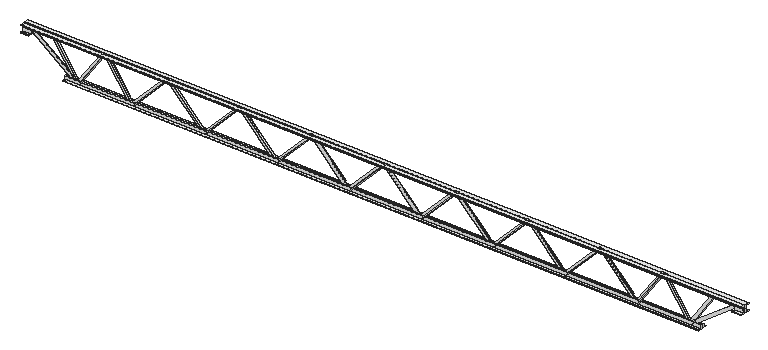
Revit family
Parameters (values of type "24LH05")
  Variable Panel [instance] = (Length - (End Panel * 2) - IntPanelArrayLength) / 2  # 915 mm
  Start Offset [instance] = 0 mm
  Start Extension [instance] = 0 mm
  M = 19
  Web Thickness = 25 mm
  Seat Length = 150 mm
  Seat Depth = 125 mm
  Rendering Material = Metal - Steel - 345 MPa
  Keynote = "G10"
  IntPanelWidth [instance] = Depth * 2  # 1220 mm
  IntPanelArrayNum [instance] = (PanelAreaLength / IntPanelWidth) - 2  # 7
  IntPanelArrayLength [instance] = IntPanelArrayNum * IntPanelWidth  # 8540 mm
  PanelAreaLength [instance] = Length - (End Panel * 2)  # 10370 mm
  End Panel = 1.5 * Depth  # 915 mm
  End Offset [instance] = 0 mm
  End Extension [instance] = 0 mm
  Cord Leg = 63.5 mm
  Chord Thickness = 12.5 mm
  Assembly Code = ""
  Length [instance] = 12200 mm
  Depth = 610 mm
Types (3, lengths in mm): name | Variable Panel | M | Rendering Material | IntPanelWidth | IntPanelArrayNum | IntPanelArrayLength | PanelAreaLength | End Panel | Depth
  (no name) | 915 | 19 | Metal - Steel - 345 MPa | 1220 | 7 | 8540 | 10370 | 915 | 610
  24LH05 | 915 | 19 | Metal - Steel - 345 MPa | 1220 | 7 | 8540 | 10370 | 915 | 610
  40LH10 | 1528 | 31 | none | 2032 | 3 | 6096 | 9152 | 1524 | 1016
Reference planes
  plane 1 "Center (Front/Back)": y = 0
  plane 2: z = 0
  plane 3 "Center (Left/Right)": x = 4.61
  plane 4 "Member Left": x = -3551.39
  plane 5 "Member Right": x = 3560.61
  plane 6: y = 76
  plane 7: y = -76
  plane 8: z = 305
  plane 9: z = -305
  plane 10 "Left": x = -6095.39
  plane 11 "Stick Symbol Left": x = -3500.59
  plane 12 "Stick Symbol Right": x = 3509.81
  plane 13 "Right": x = 6104.61
  plane 14: z = 180
  plane 15: x = -5945.39
  plane 16: x = -5180.39
  plane 17: x = -5380.39
  plane 18: x = 5954.61
  plane 19: x = 5189.61
  plane 20: y = 12.5
  plane 21: y = -12.5
  plane 22: z = 241.5
  plane 23: z = -241.5
  plane 24: x = 5389.61
  plane 25: x = -5562.89
  plane 26: x = -4265.39
  plane 27: x = 4274.61
  plane 28: x = 5572.11
  plane 29: z = -298.65
  plane 30: z = 298.65
  plane 31: x = -6095.39
  plane 32: x = 6104.61
  plane 33: x = -6095.39
  plane 34: x = 6104.61
Forms (mm)
  Extrusion 1, solid, material "Metal - Steel - 345 MPa" <- "Rendering Material", detail levels medium+fine
    sketch origin (4.61, 0, 0) x (0, 1, 0) y (0, 0, 1)
      loop
        line (76, 305) -> (12.5, 305) -> (12.5, 241.5) -> (25, 241.5) -> (25, 292.5) -> (76, 292.5) -> (76, 305)
      loop
        line (-76, 305) -> (-76, 292.5) -> (-25, 292.5) -> (-25, 241.5) -> (-12.5, 241.5) -> (-12.5, 305) -> (-76, 305)
    from -6100 to 6100
  Extrusion 2, solid, material "Metal - Steel - 345 MPa" <- "Rendering Material", detail levels medium+fine
    sketch origin (4.61, 0, 0) x (0, 1, 0) y (0, 0, 1)
      loop
        line (12.5, -241.5) -> (12.5, -305) -> (76, -305) -> (76, -292.5) -> (25, -292.5) -> (25, -241.5) -> (12.5, -241.5)
      loop
        line (-12.5, -241.5) -> (-25, -241.5) -> (-25, -292.5) -> (-76, -292.5) -> (-76, -305) -> (-12.5, -305) -> (-12.5, -241.5)
    from -5385 to 5385
  Extrusion 3, solid, material "Metal - Steel - 345 MPa" <- "Rendering Material", detail levels medium+fine
    sketch origin (4.61, 0, 0) x (0, 1, 0) y (0, 0, 1)
      loop
        line (76, 180) -> (76, 192.5) -> (25, 192.5) -> (25, 241.5) -> (12.5, 241.5) -> (12.5, 180) -> (76, 180)
      loop
        line (-76, 180) -> (-12.5, 180) -> (-12.5, 241.5) -> (-25, 241.5) -> (-25, 192.5) -> (-76, 192.5) -> (-76, 180)
    from 5950 to 6100
  Extrusion 4, solid, material "Metal - Steel - 345 MPa" <- "Rendering Material", detail levels medium+fine
    sketch origin (4.61, 0, 0) x (0, 1, 0) y (0, 0, 1)
      loop
        line (-76, 180) -> (-12.5, 180) -> (-12.5, 241.5) -> (-25, 241.5) -> (-25, 192.5) -> (-76, 192.5) -> (-76, 180)
      loop
        line (12.5, 180) -> (76, 180) -> (76, 192.5) -> (25, 192.5) -> (25, 241.5) -> (12.5, 241.5) -> (12.5, 180)
    from -6100 to -5950
  Sweep 5, solid, material "Metal - Steel - 345 MPa" <- "Rendering Material", detail levels fine
    path in 3D
      loop
        line (5189.61, 0, -298.65) -> (5954.61, 0, 241.5)
    profile "Web-Profile : Web-Profile" origin (5572.11, 0, -28.575) x (-0.57679, 0, 0.816892) y (0, -1, 0)
      loop
        line (-25.4, 18.85) -> (-25.4, 6.15) -> (25.4, 6.15) -> (25.4, 18.85) -> (-25.4, 18.85)
  Sweep 6, solid, material "Metal - Steel - 345 MPa" <- "Rendering Material", detail levels fine
    path in 3D
      loop
        line (5569.207, 0, 241.5) -> (5189.61, 0, -298.65)
    profile "Web-Profile : Web-Profile" origin (5379.409, 0, -28.575) x (0.818169, 0, -0.574978) y (0, -1, 0)
      loop
        line (-25.4, 6.35) -> (-25.4, -6.35) -> (25.4, -6.35) -> (25.4, 6.35) -> (-25.4, 6.35)
  Sweep 7, solid, material "Metal - Steel - 345 MPa" <- "Rendering Material", detail levels fine
    path in 3D
      loop
        line (-5945.39, 0, 241.5) -> (-5180.39, 0, -298.65)
    profile "Web-Profile : Web-Profile" origin (-5562.89, 0, -28.575) x (0.57679, 0, 0.816892) y (0, -1, 0)
      loop
        line (-25.4, 6.35) -> (-25.4, -6.35) -> (25.4, -6.35) -> (25.4, 6.35) -> (-25.4, 6.35)
  Sweep 8, solid, material "Metal - Steel - 345 MPa" <- "Rendering Material", detail levels fine
    path in 3D
      loop
        line (-5180.39, 0, -298.65) -> (-5562.89, 0, 241.5)
    profile "Web-Profile : Web-Profile" origin (-5371.64, 0, -28.575) x (-0.8161, 0, -0.57791) y (0, -1, 0)
      loop
        line (-25.4, 6.35) -> (-25.4, -6.35) -> (25.4, -6.35) -> (25.4, 6.35) -> (-25.4, 6.35)
Lines and regions (mm)
  symbolic lines, style "StructuralFraming", detail levels coarse
    curve 1: line (0, 76, 305) -> (0, 12.5, 305)
    curve 2: line (0, -76, -305) -> (0, -12.5, -305)
    curve 14: line (0, 12.5, -305) -> (0, 76, -305)
    curve 15: line (4.61, 12.5, -305) -> (4.61, 12.5, -241.5)
    curve 16: line (4.61, -12.5, -305) -> (4.61, -12.5, -241.5)
    curve 17: line (4.61, -12.5, 305) -> (4.61, -12.5, 241.5)
    curve 18: line (4.61, 12.5, 305) -> (4.61, 12.5, 241.5)
    curve 19: line (0, -12.5, 305) -> (0, -76, 305)
  symbolic lines, style "StructuralFraming", detail levels coarse+medium
    curve 3: line (0, 0, -305) -> (0, 0, 305)
  reference lines
    curve 4: line (-3350.59, 0, -428.508) -> (-3350.59, 0, 384.692)
    curve 5: line (-2435.59, 0, -434.858) -> (-2435.59, 0, 384.692)
    curve 6: line (3359.81, 0, -375.588) -> (3359.81, 0, 386.812)
    curve 7: line (2444.81, 0, -502.588) -> (2444.81, 0, 386.812)
  model lines, style "Web Joist", detail levels coarse
    curve 8: line (2444.81, 0, -305) -> (-2435.59, 0, -305)
    curve 9: line (3509.81, 0, 305) -> (-3500.59, 0, 305)
    curve 20: line (-2435.59, 0, -305) -> (-3350.59, 0, 305)
    curve 21: line (2444.81, 0, -305) -> (3359.81, 0, 305)
  model lines, style "StructuralFraming", detail levels medium
    curve 10: line (-5180.39, 0, -298.65) -> (-5562.89, 0, 241.5)
    curve 11: line (-5945.39, 0, 241.5) -> (-5180.39, 0, -298.65)
    curve 12: line (5569.207, 0, 241.5) -> (5189.61, 0, -298.65)
    curve 13: line (5189.61, 0, -298.65) -> (5954.61, 0, 241.5)
  sketch lines
    curve 22: line (5189.61, 0, -298.65) -> (5954.61, 0, 241.5)
    curve 23: line (5569.207, 0, 241.5) -> (5189.61, 0, -298.65)
    curve 24: line (-5945.39, 0, 241.5) -> (-5180.39, 0, -298.65)
    curve 25: line (-5180.39, 0, -298.65) -> (-5562.89, 0, 241.5)
  symbolic lines, style "StructuralFraming", detail levels fine
    curve 26: line (4.61, 12.5, 241.5) -> (4.61, 12.5, -241.5)
    curve 27: line (4.61, -12.5, -241.5) -> (4.61, -12.5, 241.5)
    curve 28: line (4.61, 12.5, -298.65) -> (4.61, -12.5, -298.65)
  symbolic lines, detail levels fine
    curve 29: line (4.61, 12.5, 298.65) -> (4.61, -12.5, 298.65)
Dimensions and locks
  equal spacing: plane 9, plane 2, plane 8
  "Length": plane 10 "Left" to plane 13 "Right"
  equal spacing: plane 10 "Left", plane 3 "Center (Left/Right)", plane 13 "Right"
  "Seat Length": curve 4 to plane 11 "Stick Symbol Left"
  "End Panel": curve 5 to curve 4
  "Seat Length": curve 6 to plane 12 "Stick Symbol Right"
  "End Panel": curve 6 to curve 7
  "Depth": plane 9 to plane 8
  "Seat Depth": plane 8 to plane 14
  locked: plane 17 to plane 16 at 200
  "End Panel": plane 10 "Left" to plane 16
  "End Panel": plane 13 "Right" to plane 19
  "Web Thickness": plane 20 to plane 21
  equal spacing: plane 20, plane 1 "Center (Front/Back)", plane 21
  "Cord Leg": plane 21 to plane 7
  "Cord Leg": plane 6 to plane 20
  "Cord Leg": plane 9 to plane 23
  "Cord Leg": plane 22 to plane 8
  "Chord Thickness": plane 8 to Extrusion 1 sketch curve
  "Chord Thickness": Extrusion 1 sketch curve to plane 8
  "Chord Thickness": plane 21 to Extrusion 1 sketch curve
  "Chord Thickness": Extrusion 1 sketch curve to plane 20
  "Chord Thickness": plane 9 to Extrusion 2 sketch curve  (x2)
  "Chord Thickness": Extrusion 2 sketch curve to plane 20
  "Chord Thickness": plane 21 to Extrusion 2 sketch curve
  locked: plane 19 to plane 24 at 200
  "Chord Thickness": plane 14 to Extrusion 3 sketch curve  (x2)
  "Chord Thickness": plane 21 to Extrusion 3 sketch curve
  "Chord Thickness": Extrusion 3 sketch curve to plane 20
  "Chord Thickness": plane 14 to Extrusion 4 sketch curve  (x2)
  "Chord Thickness": Extrusion 4 sketch curve to plane 20
  "Chord Thickness": plane 21 to Extrusion 4 sketch curve
  locked: plane 29 to plane 9 at 6.35
  locked: plane 8 to plane 30 at 6.35
  equal spacing: plane 16, plane 25, plane 15
  equal spacing: plane 18, plane 28, plane 19
  "IntPanelArrayLength": plane 27 to plane 26
  equal spacing: group 1, group 3, group 4, group 5, group 6, group 7, group 2  (x3)
  equal spacing: plane 27, plane 3 "Center (Left/Right)", plane 26
  "Start Offset": plane 10 "Left" to plane 33
  "Seat Length": plane 33 to plane 15
  "Start Extension": plane 31 to plane 33
  "End Offset": plane 13 "Right" to plane 34
  "Start Extension": plane 32 to plane 34
  "Seat Length": plane 34 to plane 18
  aligned and locked: curve 8 to plane 9
  aligned and locked: plane 11 "Stick Symbol Left" to curve 9
  aligned and locked: curve 5 to curve 8
  aligned and locked: curve 7 to curve 8
  aligned and locked: plane 8 to Extrusion 1 sketch curve
  aligned and locked: Extrusion 1 sketch curve to plane 8
  aligned and locked: plane 6 to Extrusion 1 sketch curve
  aligned and locked: plane 7 to Extrusion 1 sketch curve
  aligned and locked: Extrusion 1 sketch curve to plane 22
  aligned and locked: plane 22 to Extrusion 1 sketch curve
  aligned and locked: plane 9 to Extrusion 2 sketch curve
  aligned and locked: Extrusion 2 sketch curve to plane 9
  aligned and locked: plane 6 to Extrusion 2 sketch curve
  aligned and locked: plane 7 to Extrusion 2 sketch curve
  aligned and locked: plane 20 to Extrusion 2 sketch curve
  aligned and locked: plane 21 to Extrusion 2 sketch curve
  aligned and locked: Extrusion 2 sketch curve to plane 23
  aligned and locked: plane 23 to Extrusion 2 sketch curve
  aligned and locked: plane 24 to Extrusion 2
  aligned and locked: plane 17 to Extrusion 2
  aligned and locked: Extrusion 3 sketch curve to plane 7
  aligned and locked: plane 14 to Extrusion 3 sketch curve
  aligned and locked: Extrusion 3 sketch curve to plane 14
  aligned and locked: Extrusion 3 sketch curve to plane 6
  aligned and locked: Extrusion 3 sketch curve to plane 21
  aligned and locked: Extrusion 3 sketch curve to plane 20
  aligned and locked: Extrusion 3 sketch curve to plane 22
  aligned and locked: plane 22 to Extrusion 3 sketch curve
  aligned and locked: Extrusion 3 to plane 18
  aligned and locked: plane 6 to Extrusion 4 sketch curve
  aligned and locked: Extrusion 4 sketch curve to plane 7
  aligned and locked: Extrusion 4 sketch curve to plane 20
  aligned and locked: plane 21 to Extrusion 4 sketch curve
  aligned and locked: plane 22 to Extrusion 4 sketch curve  (x2)
  aligned and locked: Extrusion 4 sketch curve to plane 14  (x2)
  aligned and locked: plane 15 to Extrusion 4
  aligned and locked: curve 15 to Extrusion 2
  aligned and locked: curve 2 to curve 16
  aligned and locked: Extrusion 2 to curve 16
  aligned and locked: Extrusion 1 to curve 17
  aligned and locked: curve 17 to Extrusion 1
  aligned and locked: curve 18 to Extrusion 1  (x2)
  aligned and locked: curve 1 to Extrusion 1
  aligned and locked: plane 1 "Center (Front/Back)" to nested 1
  aligned and locked: plane 26 to nested 1
  aligned and locked: plane 27 to nested 2
  aligned and locked: nested 4 to plane 1 "Center (Front/Back)"
  aligned and locked: nested 4 to plane 16
  aligned and locked: nested 5 to plane 19
  aligned and locked: plane 12 "Stick Symbol Right" to curve 9
  aligned and locked: Extrusion 4 to curve 11
  aligned and locked: curve 13 to Extrusion 3
  aligned and locked: plane 25 to curve 10
  aligned and locked: curve 4 to curve 20
  aligned and locked: curve 6 to curve 21
  aligned and locked: plane 31 to Extrusion 1
  aligned and locked: plane 31 to Extrusion 4
  aligned and locked: Extrusion 1 to plane 32
  aligned and locked: Extrusion 3 to plane 32
Automatic sketch dimensions
  Extrusion 1 sketch curve to plane 21 = 0 mm
  Extrusion 1 sketch curve to plane 20 = 0 mm
  curve 14 to plane 6 = 0 mm
  curve 1 to plane 6 = 0 mm
  curve 14 to plane 9 = 0 mm
  curve 14 to plane 20 = 0 mm
  curve 1 to plane 20 = 0 mm
  curve 19 to plane 8 = 0 mm
  curve 19 to plane 21 = 0 mm
  curve 19 to plane 7 = 0 mm
  plane 9 to curve 7 = 197.588 mm
  plane 9 to curve 5 = 129.858 mm
  plane 9 to curve 4 = 123.508 mm
  plane 9 to curve 6 = 70.588 mm
  curve 5 to plane 8 = 79.692 mm
  curve 4 to plane 8 = 79.692 mm
  curve 7 to plane 8 = 81.812 mm
  curve 6 to plane 8 = 81.812 mm
  curve 11 to plane 15 = 0 mm
  curve 10 to plane 16 = 0 mm
  curve 12 to plane 19 = 0 mm
  curve 12 to plane 22 = 0 mm
  curve 13 to plane 18 = 0 mm
  curve 10 to plane 29 = 0 mm
  curve 13 to plane 29 = 0 mm
  curve 10 to plane 22 = 0 mm
  curve 20 to plane 8 = 0 mm
  plane 28 to curve 12 = 2.903 mm
  curve 2 to plane 7 = 0 mm
  curve 2 to plane 9 = 0 mm
  curve 2 to plane 21 = 0 mm
  curve 3 to plane 1 "Center (Front/Back)" = 0 mm
  curve 3 to plane 9 = 0 mm
  curve 15 to plane 9 = 0 mm
  curve 28 to plane 29 = 0 mm
  curve 16 to plane 23 = 0 mm
  curve 26 to plane 23 = 0 mm
  curve 26 to plane 22 = 0 mm
  curve 17 to plane 22 = 0 mm
  curve 29 to plane 30 = 0 mm
  curve 3 to plane 8 = 0 mm
Nested families
  nested 1: "Angled Web" at (-4265.39, 0, 0), type "Angled Web"
  nested 2: "Angled Web" at (3054.61, 0, 0), type "Angled Web"
  nested 3: "Angled Web" at (-3045.39, 0, 0), type "Angled Web"
  nested 4: "Angled Web-Variable" at (-5180.39, 0, 0), PanelWidth <- "Variable Panel", type "Angled Web-Variable"
    with PanelWidth 915 mm
  nested 5: "Angled Web-Variable" at (4274.61, 0, 0), PanelWidth <- "Variable Panel", type "Angled Web-Variable"
    with PanelWidth 915 mm
  nested 6: "Angled Web" at (-1825.39, 0, 0), type "Angled Web"
  nested 7: "Angled Web" at (-605.39, 0, 0), type "Angled Web"
  nested 8: "Angled Web" at (614.61, 0, 0), type "Angled Web"
  nested 9: "Angled Web" at (1834.61, 0, 0), type "Angled Web"
Definition of nested family "Angled Web"
  Parameters (values of type "Angled Web")
    WebMaterial = none
    Web Thickness = Thickness / 2  # 12.5 mm
    Web Offset = Web Leg / 2  # 25.4 mm
    Web Leg = 50.8 mm
    Thickness = 25 mm
    PanelHeight = 610 mm
    PanelWidth = 1220 mm
    Assembly Code = ""
  Reference planes
    plane 1 "Center (Front/Back)": y = 0
    plane 2: z = 0
    plane 3 "Center (Left/Right)": x = 0
    plane 4: x = 1220
    plane 5: x = 610
    plane 6: z = -305
    plane 7: z = -279.6
    plane 8: z = 280
    plane 9: z = 305
    plane 10: y = -12.5
    plane 11: y = 12.5
    plane 12: z = 241.5
    plane 13: z = -241.5
  Forms (mm)
    Sweep 1, solid, material <- "WebMaterial", detail levels fine
      path in 3D
        loop
          line (0, 0, -279.6) -> (25.4, 0, -279.6) -> (584.6, 0, 280) -> (635.4, 0, 280)
      profile origin (12.7, 0, -279.6) x (0, 0, 1) y (0, -1, 0)
        loop
          line (25.4, 0) -> (25.4, 12.5) -> (-25.4, 12.5) -> (-25.4, 0) -> (25.4, 0)
    Sweep 2, solid, material <- "WebMaterial", detail levels fine
      path in 3D
        loop
          line (1220, 0, -279.6) -> (1194.6, 0, -279.6) -> (635.4, 0, 280) -> (584.6, 0, 280)
      profile origin (1207.3, 0, -279.6) x (0, 0, -1) y (0, -1, 0)
        loop
          line (-25.4, -12.5) -> (25.4, -12.5) -> (25.4, 0) -> (-25.4, 0) -> (-25.4, -12.5)
    Sweep 3, solid, material <- "WebMaterial", detail levels fine
      path in 3D
        loop
          line (99.404, -12.5, -241.477) -> (582.431, -12.5, 241.895)
      profile origin (340.917, -12.5, 0.209) x (-0.70736, 0, 0.706854) y (0, -1, 0)
        loop
          line (0, 0) -> (12.5, 0) -> (12.5, 38.3) -> (0, 38.3) -> (0, 0)
    Sweep 4, solid, material <- "WebMaterial", detail levels fine
      path in 3D
        loop
          line (1120.596, 12.5, -241.477) -> (637.569, 12.5, 241.895)
      profile origin (879.083, 12.5, 0.209) x (0.70736, 0, 0.706854) y (0, 1, 0)
        loop
          line (0, 0) -> (12.5, 0) -> (12.5, 38.3) -> (0, 38.3) -> (0, 0)
  Cuts and joins
    joined: Sweep 1, Sweep 3
    joined: Sweep 2, Sweep 4
  Lines and regions (mm)
    model lines, style "InvisibleLines"
      curve 1: line (0, 0, -305) -> (0, 0, 305)
      curve 2: line (0, 0, 305) -> (1220, 0, 305)
      curve 3: line (1220, 0, 305) -> (1220, 0, -305)
      curve 4: line (1220, 0, -305) -> (0, 0, -305)
    model lines, style "StructuralFraming", detail levels medium
      curve 5: line (584.6, 0, 280) -> (635.4, 0, 280)
      curve 6: line (0, 0, -279.6) -> (25.4, 0, -279.6)
      curve 7: line (1220, 0, -279.6) -> (1194.6, 0, -279.6)
      curve 8: line (25.4, 0, -279.6) -> (584.6, 0, 280)
      curve 9: line (635.4, 0, 280) -> (1194.6, 0, -279.6)
    sketch lines
      curve 10: line (0, 0, -279.6) -> (25.4, 0, -279.6)
      curve 11: line (25.4, 0, -279.6) -> (584.6, 0, 280)
      curve 12: line (584.6, 0, 280) -> (635.4, 0, 280)
      curve 13: line (1220, 0, -279.6) -> (1194.6, 0, -279.6)
      curve 14: line (635.4, 0, 280) -> (1194.6, 0, -279.6)
      curve 15: line (584.6, 0, 280) -> (635.4, 0, 280)
      curve 16: line (99.404, -12.5, -241.477) -> (582.431, -12.5, 241.895)
      curve 17: line (1120.596, 12.5, -241.477) -> (637.569, 12.5, 241.895)
  Dimensions and locks
    "PanelWidth": plane 4 to plane 3 "Center (Left/Right)"
    equal spacing: plane 4, plane 5, plane 3 "Center (Left/Right)"
    plane 7 to plane 6 = 25.4 mm
    "Thickness": plane 9 to plane 8
    "PanelHeight": plane 9 to plane 6
    equal spacing: plane 9, plane 2, plane 6
    "Thickness": plane 11 to plane 10
    equal spacing: plane 11, plane 1 "Center (Front/Back)", plane 10
    locked: plane 9 to plane 12 at 63.5
    plane 13 to plane 6 = 63.5 mm
    "Web Offset": plane 7 to plane 6
    "Web Offset": curve 6 to plane 3 "Center (Left/Right)"
    "Web Offset": curve 7 to plane 4
    "Web Offset": plane 5 to curve 5
    "Web Offset": curve 5 to plane 5
    "Web Leg": Sweep 1 sketch curve to Sweep 1 sketch curve
    equal spacing: Sweep 1 sketch curve, plane 7, Sweep 1 sketch curve
    equal spacing: Sweep 2 sketch curve, profile plane, Sweep 2 sketch curve
    "Web Leg": Sweep 2 sketch curve to Sweep 2 sketch curve
    "Web Leg": plane 1 "Center (Front/Back)" to Sweep 3 sketch curve
    "Web Thickness": Sweep 3 sketch curve to Sweep 3 sketch curve
    "Web Leg": plane 1 "Center (Front/Back)" to Sweep 4 sketch curve
    "Web Thickness": Sweep 4 sketch curve to Sweep 4 sketch curve
    aligned and locked: plane 8 to curve 5
    aligned and locked: curve 7 to plane 7
    aligned and locked: plane 7 to curve 6
    aligned and locked: plane 9 to curve 2
    aligned and locked: plane 10 to Sweep 1 sketch curve
    aligned and locked: Sweep 1 sketch curve to plane 1 "Center (Front/Back)"
    aligned and locked: Sweep 2 sketch curve to plane 11
    aligned and locked: profile plane to Sweep 2 sketch curve
    aligned and locked: Sweep 1 to curve 16
    aligned and locked: Sweep 3 sketch curve to profile plane
    aligned and locked: plane 10 to Sweep 3 sketch curve
    aligned and locked: Sweep 4 sketch curve to plane 11
    aligned and locked: profile plane to Sweep 4 sketch curve
  Automatic sketch dimensions
    curve 1 to plane 3 "Center (Left/Right)" = 0 mm
    curve 3 to plane 4 = 0 mm
    curve 4 to plane 6 = 0 mm
Definition of nested family "Angled Web-Variable"
  Parameters (values of type "Angled Web-Variable")
    WebMaterial = none
    Web Thickness = Thickness / 2  # 12.5 mm
    Web Offset = Web Leg / 2  # 25.4 mm
    Web Leg = 50.8 mm
    Thickness = 25 mm
    PanelHeight = 610 mm
    PanelWidth [instance] = 1524 mm
    Assembly Code = ""
  Reference planes
    plane 1 "Center (Front/Back)": y = 0
    plane 2: z = 0
    plane 3 "Center (Left/Right)": x = 0
    plane 4: x = 1524
    plane 5: x = 762
    plane 6: z = -305
    plane 7: z = -279.6
    plane 8: z = 280
    plane 9: z = 305
    plane 10: y = -12.5
    plane 11: y = 12.5
    plane 12: z = 241.5
    plane 13: z = -241.5
  Forms (mm)
    Sweep 1, solid, material <- "WebMaterial", detail levels fine
      path in 3D
        loop
          line (0, 0, -279.6) -> (25.4, 0, -279.6) -> (736.6, 0, 280) -> (787.4, 0, 280)
      profile origin (12.7, 0, -279.6) x (0, 0, 1) y (0, -1, 0)
        loop
          line (25.4, 0) -> (25.4, 12.5) -> (-25.4, 12.5) -> (-25.4, 0) -> (25.4, 0)
    Sweep 2, solid, material <- "WebMaterial", detail levels fine
      path in 3D
        loop
          line (1524, 0, -279.6) -> (1498.6, 0, -279.6) -> (787.4, 0, 280) -> (736.6, 0, 280)
      profile origin (1511.3, 0, -279.6) x (0, 0, -1) y (0, -1, 0)
        loop
          line (-25.4, -12.5) -> (25.4, -12.5) -> (25.4, 0) -> (-25.4, 0) -> (-25.4, -12.5)
    Sweep 3, solid, material <- "WebMaterial", detail levels fine
      path in 3D
        loop
          line (104.77, -12.5, -249.469) -> (731.28, -12.5, 243.494)
      profile origin (418.025, -12.5, -2.988) x (-0.618368, 0, 0.785889) y (0, -1, 0)
        loop
          line (0, 0) -> (12.5, 0) -> (12.5, 38.3) -> (0, 38.3) -> (0, 0)
    Sweep 4, solid, material <- "WebMaterial", detail levels fine
      path in 3D
        loop
          line (1419.23, 12.5, -249.469) -> (792.72, 12.5, 243.494)
      profile origin (1105.975, 12.5, -2.988) x (0.618368, 0, 0.785889) y (0, 1, 0)
        loop
          line (0, 0) -> (12.5, 0) -> (12.5, 38.3) -> (0, 38.3) -> (0, 0)
  Cuts and joins
    joined: Sweep 1, Sweep 3
    joined: Sweep 2, Sweep 4
  Lines and regions (mm)
    model lines, style "InvisibleLines"
      curve 1: line (0, 0, -305) -> (0, 0, 305)
      curve 2: line (0, 0, 305) -> (1524, 0, 305)
      curve 3: line (1524, 0, 305) -> (1524, 0, -305)
      curve 4: line (1524, 0, -305) -> (0, 0, -305)
    model lines, style "StructuralFraming", detail levels medium
      curve 5: line (736.6, 0, 280) -> (787.4, 0, 280)
      curve 6: line (0, 0, -279.6) -> (25.4, 0, -279.6)
      curve 7: line (1524, 0, -279.6) -> (1498.6, 0, -279.6)
      curve 8: line (25.4, 0, -279.6) -> (736.6, 0, 280)
      curve 9: line (787.4, 0, 280) -> (1498.6, 0, -279.6)
    sketch lines
      curve 10: line (0, 0, -279.6) -> (25.4, 0, -279.6)
      curve 11: line (25.4, 0, -279.6) -> (736.6, 0, 280)
      curve 12: line (736.6, 0, 280) -> (787.4, 0, 280)
      curve 13: line (1524, 0, -279.6) -> (1498.6, 0, -279.6)
      curve 14: line (787.4, 0, 280) -> (1498.6, 0, -279.6)
      curve 15: line (736.6, 0, 280) -> (787.4, 0, 280)
      curve 16: line (104.77, -12.5, -249.469) -> (731.28, -12.5, 243.494)
      curve 17: line (1419.23, 12.5, -249.469) -> (792.72, 12.5, 243.494)
  Dimensions and locks
    "PanelWidth": plane 4 to plane 3 "Center (Left/Right)"
    equal spacing: plane 4, plane 5, plane 3 "Center (Left/Right)"
    plane 7 to plane 6 = 25.4 mm
    "Thickness": plane 9 to plane 8
    "PanelHeight": plane 9 to plane 6
    equal spacing: plane 9, plane 2, plane 6
    "Thickness": plane 11 to plane 10
    equal spacing: plane 11, plane 1 "Center (Front/Back)", plane 10
    locked: plane 9 to plane 12 at 63.5
    plane 13 to plane 6 = 63.5 mm
    "Web Offset": plane 7 to plane 6
    "Web Offset": curve 6 to plane 3 "Center (Left/Right)"
    "Web Offset": curve 7 to plane 4
    "Web Offset": plane 5 to curve 5
    "Web Offset": curve 5 to plane 5
    "Web Leg": Sweep 1 sketch curve to Sweep 1 sketch curve
    equal spacing: Sweep 1 sketch curve, plane 7, Sweep 1 sketch curve
    equal spacing: Sweep 2 sketch curve, profile plane, Sweep 2 sketch curve
    "Web Leg": Sweep 2 sketch curve to Sweep 2 sketch curve
    "Web Leg": plane 1 "Center (Front/Back)" to Sweep 3 sketch curve
    "Web Thickness": Sweep 3 sketch curve to Sweep 3 sketch curve
    "Web Leg": plane 1 "Center (Front/Back)" to Sweep 4 sketch curve
    "Web Thickness": Sweep 4 sketch curve to Sweep 4 sketch curve
    aligned and locked: plane 8 to curve 5
    aligned and locked: curve 7 to plane 7
    aligned and locked: plane 7 to curve 6
    aligned and locked: plane 9 to curve 2
    aligned and locked: plane 10 to Sweep 1 sketch curve
    aligned and locked: Sweep 1 sketch curve to plane 1 "Center (Front/Back)"
    aligned and locked: Sweep 2 sketch curve to plane 11
    aligned and locked: profile plane to Sweep 2 sketch curve
    aligned and locked: Sweep 1 to curve 16
    aligned and locked: Sweep 3 sketch curve to profile plane
    aligned and locked: plane 10 to Sweep 3 sketch curve
    aligned and locked: Sweep 4 sketch curve to plane 11
    aligned and locked: profile plane to Sweep 4 sketch curve
  Automatic sketch dimensions
    curve 1 to plane 3 "Center (Left/Right)" = 0 mm
    curve 3 to plane 4 = 0 mm
    curve 4 to plane 6 = 0 mm
